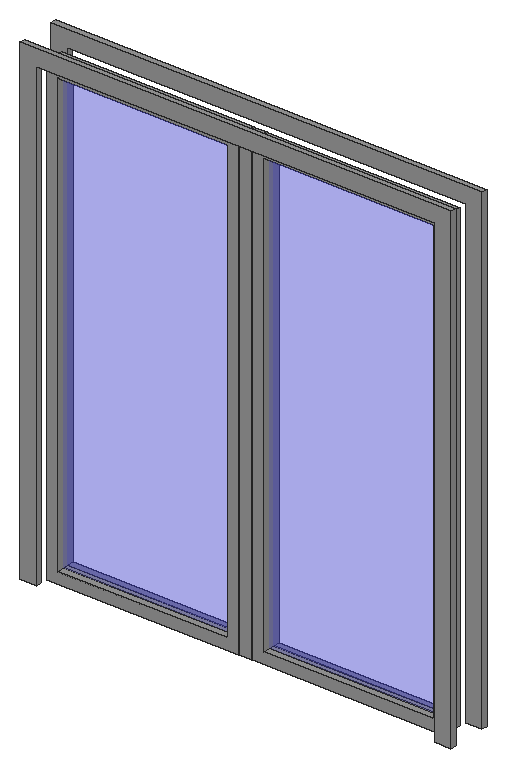
Revit family "Family71", category Doors, host Wall, Revit 2018
Family settings
  Host = Wall
  OmniClass Number = 23.30.10.00
  OmniClass Title = Doors
  Always vertical = Yes
  Cut with Voids When Loaded = No
  Shared = No
  Room Calculation Point = No
Parameters
  Visual Light Transmittance = 0
  URL = "www.skywardwindows.co.za"
  Thermal Resistance (R) = 0.2429 (m²·K)/W
  Telephone = "021 276 1800"
  Solar Heat Gain Coefficient = 0
  Manufacturer = "Skyward Windows"
  Heat Transfer Coefficient (U) = 4.1165 W/(m²·K)
  Glass Thickness = 4 mm
  Glass = Glass
  Function = Interior
  Frame Projection Ext. = 25 mm
  Frame Projection Int. = 25 mm
  Frame Width = 75 mm
  Height = 2090 mm
  Wall Closure = By host
  Width = 1790 mm
  Email Address = "info@skywardwindows.co.za"
  Door Thickness = 84 mm
  Door Frame = White
  Company Address = "Charles Matthews Street Atlantis 7349"
  Analytic Construction = "Metal frame, double glass door"
Reference planes
  plane 1: y = 0
  plane 2 "Center (Left/Right)": x = 0
  plane 3 "Left": x = -895
  plane 4 "Right": x = 895
  plane 5: z = 2090
  plane 6 "Exterior": y = 75
  plane 7 "Interior": y = -75
Forms (mm)
  Extrusion 1, solid, material "White" <- "Door Frame"
    sketch origin (-3050, -75, 0) x (1, 0, 0) y (0, 0, 1)
      loop
        line (2080, 0) -> (2155, 0) -> (2155, 2090) -> (3945, 2090) -> (3945, 0) -> (4020, 0) -> (4020, 2165) -> (2080, 2165) -> (2080, 0)
    from 0 to 25
  Extrusion 2, solid, material "White" <- "Door Frame"
    sketch origin (-3050, 75, 0) x (-1, 0, 0) y (0, 0, 1)
      loop
        line (-2155, 0) -> (-2080, 0) -> (-2080, 2165) -> (-4020, 2165) -> (-4020, 0) -> (-3945, 0) -> (-3945, 2090) -> (-2155, 2090) -> (-2155, 0)
    from 0 to 25
  Extrusion 3, solid, material "White" <- "Door Frame"
    sketch origin (0, -75, 0) x (1, 0, 0) y (0, 0, 1)
      loop
        line (-895, 2090) -> (-895, 0) -> (-30, 0) -> (-30, 2090) -> (-895, 2090)
      loop
        line (895, 0) -> (895, 2090) -> (30, 2090) -> (30, 0) -> (895, 0)
      loop
        line (-845, 50) -> (-80, 50) -> (-80, 2040) -> (-845, 2040) -> (-845, 50)
      loop
        line (80, 50) -> (845, 50) -> (845, 2040) -> (80, 2040) -> (80, 50)
    from -117 to -33
  Extrusion 4, solid, material "White" <- "Door Frame"
    sketch origin (0, -75, 0) x (1, 0, 0) y (0, 0, 1)
      loop
        line (-27.929, 2090) -> (-27.929, 0) -> (27.87, 0) -> (27.87, 2090) -> (-27.929, 2090)
    from -116.871 to -33.306
  Extrusion 5, solid, material "Glass" <- "Glass"
    sketch origin (0, 0, 0) x (1, 0, 0) y (0, 1, 0)
      loop
        line (-845, 14) -> (-845, 10) -> (-80, 10) -> (-80, 14) -> (-845, 14)
      loop
        line (-80, -14) -> (-80, -10) -> (-845, -10) -> (-845, -14) -> (-80, -14)
      loop
        line (80, 14) -> (80, 10) -> (845, 10) -> (845, 14) -> (80, 14)
      loop
        line (845, -10) -> (80, -10) -> (80, -14) -> (845, -14) -> (845, -10)
    from 50 to 2040
Lines and regions (mm)
  Opening 1
    outline origin (-3050, -75, 0) x (1, 0, 0) y (0, 0, 1)
      loop
        line (2155, 0) -> (3945, 0) -> (3945, 2090) -> (2155, 2090) -> (2155, 0)
  symbolic lines, style "Elevation Swing"
    curve 1: line (895, -75, 1045) -> (-895, -75, 2090)
    curve 2: line (895, -75, 1045) -> (-895, -75, 0)
  model lines
    curve 3: line (-2375, 42, 0) -> (2625, 42, 0)
    curve 4: line (2625, -42, 0) -> (-2375, -42, 0)
Text (mm)
  text "Exterior" at (-2295.016, 1099.543, 0), in view "Ref. Level"
  text "Exterior" at (0, 1615.38, 3698.081), in view "Left"
  text "Exterior" at (0, 1036.032, 3874.932), in view "Right"
Dimensions and locks
  equal spacing: plane 3 "Left", plane 2 "Center (Left/Right)", plane 4 "Right"
  "Width": plane 3 "Left" to plane 4 "Right"
  "Height": plane 5 to host wall
  equal spacing: host wall, curve 2, plane 5
  host wall to plane 5 = 2090 mm
  "Frame Projection Ext.": Extrusion 2 to Extrusion 2
  "Frame Projection Int.": Extrusion 1 to Extrusion 1
  "Frame Width": plane 3 "Left" to Extrusion 1 sketch curve
  "Frame Width": plane 4 "Right" to Extrusion 1 sketch curve
  "Frame Width": Extrusion 1 sketch curve to plane 5
  "Frame Width": plane 4 "Right" to Extrusion 2 sketch curve
  "Frame Width": plane 3 "Left" to Extrusion 2 sketch curve
  "Frame Width": plane 5 to Extrusion 2 sketch curve
  locked: plane 6 "Exterior" to host wall at 0
  locked: plane 7 "Interior" to host wall
  "Door Thickness": Extrusion 3 to Extrusion 3
  "Glass Thickness": Extrusion 5 to Extrusion 5  (x2)
  aligned and locked: plane 3 "Left" to Opening 1 sketch curve
  aligned and locked: plane 5 to Opening 1 sketch curve  (x2)
  aligned and locked: Opening 1 sketch curve to plane 4 "Right"
  aligned and locked: Opening 1 sketch curve to level
  aligned and locked: level to Extrusion 1 sketch curve
  aligned and locked: plane 5 to Extrusion 1 sketch curve  (x2)
  aligned and locked: Extrusion 1 sketch curve to plane 4 "Right"
  aligned and locked: plane 3 "Left" to Extrusion 1 sketch curve
  aligned and locked: plane 3 "Left" to Extrusion 2 sketch curve
  aligned and locked: plane 5 to Extrusion 2 sketch curve  (x2)
  aligned and locked: level to Extrusion 2 sketch curve
  aligned and locked: plane 5 to curve 1
  aligned and locked: plane 3 "Left" to curve 2
  aligned and locked: plane 1 to host wall
  aligned and locked: plane 3 "Left" to curve 1
Automatic sketch dimensions
  Extrusion 2 sketch curve to plane 4 "Right" = 0 mm
  Extrusion 1 sketch curve to level = 0 mm
  Extrusion 2 sketch curve to level = 0 mm
  plane 4 "Right" to curve 2 = 0 mm
  curve 2 to level = 0 mm
  Extrusion 3 sketch curve to level = 0 mm  (x2)
  plane 3 "Left" to Extrusion 3 sketch curve = 0 mm
  Extrusion 3 sketch curve to plane 5 = 0 mm  (x2)
  plane 4 "Right" to Extrusion 3 sketch curve = 0 mm
  Extrusion 3 sketch curve to plane 3 "Left" = 50 mm
  Extrusion 3 sketch curve to plane 2 "Center (Left/Right)" = 80 mm
  Extrusion 3 sketch curve to plane 2 "Center (Left/Right)" = 30 mm
  plane 2 "Center (Left/Right)" to Extrusion 3 sketch curve = 30 mm
  Extrusion 3 sketch curve to Extrusion 3 sketch curve = 50 mm
  plane 4 "Right" to Extrusion 3 sketch curve = 50 mm
  level to Extrusion 3 sketch curve = 50 mm  (x2)
  plane 5 to Extrusion 3 sketch curve = 50 mm  (x2)
  Extrusion 4 sketch curve to level = 0 mm
  Extrusion 4 sketch curve to plane 5 = 0 mm
  Extrusion 4 sketch curve to plane 2 "Center (Left/Right)" = 27.929 mm
  plane 2 "Center (Left/Right)" to Extrusion 4 sketch curve = 27.87 mm
  Extrusion 5 sketch curve to host wall = 14 mm  (x2)
  Extrusion 5 sketch curve to plane 3 "Left" = 50 mm
  Extrusion 5 sketch curve to Extrusion 5 sketch curve = 0 mm  (x4)
  Extrusion 5 sketch curve to plane 2 "Center (Left/Right)" = 80 mm
  host wall to Extrusion 5 sketch curve = 10 mm  (x2)
  plane 2 "Center (Left/Right)" to Extrusion 5 sketch curve = 80 mm
  plane 4 "Right" to Extrusion 5 sketch curve = 50 mm
  Extrusion 5 sketch curve to Extrusion 5 sketch curve = 4 mm  (x4)
  curve 3 to host wall = 33 mm
  plane 3 "Left" to curve 3 = 1480 mm
  curve 4 to host wall = 33 mm
  curve 4 to curve 3 = 0 mm
  curve 4 to plane 4 "Right" = 1730 mm
  curve 3 to curve 4 = 0 mm
